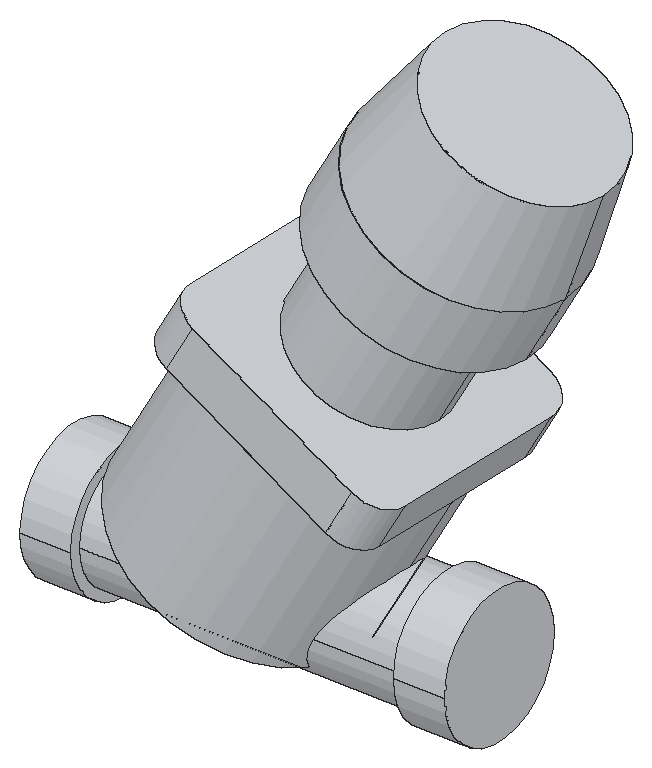
Revit family "OPTIMA_Compact_MM_DN10_5,0_RFA_2019", category Pipe Accessories, Revit 2019
Family settings
  Round Connector Dimension = Use Diameter
  Part Type = Valve - Breaks Into
  Work Plane-Based = No
  Always vertical = Yes
  Cut with Voids When Loaded = No
  Shared = No
Parameters (values of type "OPTIMA Compact DN10 M-M 5.0mm")
  magiProductId = "5a6cfbbfc7584f5c989f475761ae24"
  magiProductFamilyId = "78ecc78dd0e54fb5aa8a98aef7d402"
  magiPartTypeId = 304
  isMeasuringValve [instance] = no
  ang2D [instance] = 0.00°
  Z = 0 mm
  X = 7 mm
  W2D = 32 mm
  VersionID = "2.0/2018.8.28.1/FRESE_OPTIMA-COMPACT-MM_001"
  Use Minimum Symbol Size [instance] = yes
  URL = "www.hydronic.cz"
  Type Comments = "vnější závit; PN25; 0~120°C, bez měřicích vsuvek"
  R9 = 8 mm
  R8 = 14 mm
  R7 = 17 mm
  R6 = 12 mm
  R5 = 5 mm
  R4 = 19 mm
  R3 = 19 mm
  R2 = 9 mm
  R1 = 10.5 mm
  QmdConnectorList = "301;D;302;D"
  Productdata [instance] = ""
  PLG0 = no
  Manufacturer = "Hydronic Systems Prague s.r.o."
  MC Product Code = "53-1309  (1/2\" M-M; 5.0mm; Qmin-dpmin 65l/h-14.6kPa; Qmax-dpmin 370l/h-17.2kPa; dpmax 800kPa)"
  MC Piping Given Pressure Drop [instance] = 0.0 Pa
  LL = 32.5 mm
  L3 = 11 mm
  L2D_Min = 3048 mm
  L2D = 104 mm
  L2 = 49.4 mm
  L1__ve = -L1  # -7.8 mm
  L1 = 7.8 mm
  H6__ve = -H6  # -52.5 mm
  H6 = 52.5 mm
  H5 = 17 mm
  H4 = 12 mm
  H3 = 18 mm
  H2 = 8 mm
  H1 = 30 mm
  Description = "Tlakově nezávislý 2-cestný regulační vyvažovací ventil (PICV)"
  D = 10 mm
  A = 30.00°
Types (8, lengths in mm): name | magiProductId | Z | X | R4 | R3 | R2 | R1 | MC Product Code | LL | L3 | L2 | L1__ve | L1 | H6__ve | H6 | H5 | H3 | H2 | H1 | D
  OPTIMA Compact DN32 M-M 5.5mm | "9229f6b2647a4beea29cfed7a0464e" | 1 | 13 | 29 | 31.5 | 22 | 24 | "53-1314  (6/4\" M-M; 5.5mm; Qmin-dpmin 550l/h-17.9kPa; Qmax-dpmin 4001l/h-28.0kPa; dpmax 800kPa)" | 52 | 12.5 | 79.04 | -12.48 | 12.48 | -66 | 66 | 20 | 16 | 10 | 46 | 32
  OPTIMA Compact DN15 M-M 2.5mm | "cf91b4957677408aaed6de7f8e707d" | 0 | 7 | 19 | 19 | 12 | 13 | "53-1304  (3/4\" M-M; 2.5mm; Qmin-dpmin 100l/h-14.9kPa; Qmax-dpmin 575l/h-18.5kPa; dpmax 800kPa)" | 32.5 | 11 | 49.4 | -7.8 | 7.8 | -55 | 55 | 20 | 18 | 8 | 26 | 15
  OPTIMA Compact DN15 M-M 5.0mm | "3da7abe28dc3494da6d3a7ef2edb11" | 0 | 7 | 19 | 19 | 12 | 13 | "53-1305  (3/4\" M-M; 5.0mm; Qmin-dpmin 220l/h-16.0kPa; Qmax-dpmin 1330l/h-21.6kPa; dpmax 800kPa)" | 32.5 | 11 | 49.4 | -7.8 | 7.8 | -55 | 55 | 20 | 18 | 8 | 26 | 15
  OPTIMA Compact DN20 M-M 5.0mm | "dbf1ea5749af4e6bb74c096f7a23b2" | 0 | 10 | 19 | 19 | 13.5 | 16.5 | "53-1308  (1\" M-M; 5.0mm; Qmin-dpmin 220l/h-16.0kPa; Qmax-dpmin 1330l/h-21.6kPa; dpmax 800kPa)" | 35 | 11 | 53.2 | -8.4 | 8.4 | -58.5 | 58.5 | 20 | 18 | 8 | 26 | 20
  OPTIMA Compact DN20 M-M 5.5mm | "a40c776a67e54a899e920652842cb9" | 0 | 10 | 19 | 19 | 13.5 | 16.5 | "53-1311  (1\" M-M; 5.5mm; Qmin-dpmin 300l/h-17.8kPa; Qmax-dpmin 1800l/h-40.0kPa; dpmax 800kPa)" | 35 | 11 | 53.2 | -8.4 | 8.4 | -58.5 | 58.5 | 20 | 18 | 8 | 26 | 20
  OPTIMA Compact DN25 M-M 5.5mm | "c9531e40f709430d814b4200686e37" | 0 | 13 | 29 | 31.5 | 18.5 | 21 | "53-1313  (5/4\" M-M; 5.5mm; Qmin-dpmin 600l/h-17.3kPa; Qmax-dpmin 3609l/h-23.0kPa; dpmax 800kPa)" | 52 | 12.5 | 79.04 | -12.48 | 12.48 | -63 | 63 | 20 | 16 | 10 | 43 | 25
  OPTIMA Compact DN10 M-M 2.5mm | "719160033de540c9acf49957212ec3" | 0 | 7 | 19 | 19 | 9 | 10.5 | "53-1300  (1/2\" M-M; 2.5mm; Qmin-dpmin 30l/h-14.3kPa; Qmax-dpmin 200l/h-15.8kPa; dpmax 800kPa)" | 32.5 | 11 | 49.4 | -7.8 | 7.8 | -52.5 | 52.5 | 17 | 18 | 8 | 30 | 10
  OPTIMA Compact DN10 M-M 5.0mm | "5a6cfbbfc7584f5c989f475761ae24" | 0 | 7 | 19 | 19 | 9 | 10.5 | "53-1309  (1/2\" M-M; 5.0mm; Qmin-dpmin 65l/h-14.6kPa; Qmax-dpmin 370l/h-17.2kPa; dpmax 800kPa)" | 32.5 | 11 | 49.4 | -7.8 | 7.8 | -52.5 | 52.5 | 17 | 18 | 8 | 30 | 10
Reference planes
  plane 1 "Center (Front/Back)": y = 0
  plane 2 "XYPLANE": z = 0
  plane 3 "Center (Left/Right)": x = 0
  plane 4 "267": x = 11
  plane 5 "266": x = -11
  plane 6 "252": through (-607.019, 0, 448.612) normal (0.5, 0, 0.866)
  plane 7 "250": through (-615.519, 0, 433.89) normal (0.5, 0, 0.866)
  plane 8 "248": through (-621.519, 0, 423.497) normal (0.5, 0, 0.866)
  plane 9 "245": through (-630.519, 0, 407.909) normal (0.5, 0, 0.866)
  plane 10 "241": through (352.483, 0, 662.519) normal (0.866, 0, -0.5)
  plane 11 "240": through (385.392, 0, 643.519) normal (0.866, 0, -0.5)
  plane 12 "239": y = -19
  plane 13 "238": y = 19
  plane 14 "237": through (-634.519, 0, 400.981) normal (0.5, 0, 0.866)
  plane 15 "235": through (-649.519, 0, 375) normal (0.5, 0, 0.866)
  plane 16 "231": y = 0
  plane 17 "230": through (368.938, 0, 653.019) normal (0.866, 0, -0.5)
  plane 18 "211": x = -24.7
  plane 19 "204": x = 32.5
  plane 20 "203": x = -32.5
  plane 21 "202": x = 0
  plane 22 "201": z = 0
  plane 23 "200": y = 0
  plane 24 "227XY": through (-649.519, 0, 375) normal (0.5, 0, 0.866)
  plane 25 "227XZ": y = 0
  plane 26 "227YZ": through (375, 0, 649.519) normal (0.866, 0, -0.5)
Forms (mm)
  Extrusion 1, solid, visible <- "PLG0"
    sketch origin (-750, 0, 0) x (1, 0, 0) y (0, 1, 0)
      loop
        circle (761, 0) r 8
    from 0 to -52.5 <- "H6__ve"
  Extrusion 2, solid, visible <- "PLG0"
    sketch origin (-750, 0, 0) x (1, 0, 0) y (0, 1, 0)
      loop
        circle (739, 0) r 8
    from 0 to -52.5 <- "H6__ve"
  Blend 3, solid
    base sketch origin (-615.519, 0, 433.89) x (0.866025, 0, -0.5) y (0, 1, 0)
      loop
        circle (743, 0) r 17
    top sketch origin (-615.519, 0, 433.89) x (0.866025, 0, -0.5) y (0, 1, 0)
      loop
        circle (743, 0) r 14
    from 0 to 17
  Extrusion 4, solid
    sketch origin (-621.519, 0, 423.497) x (0.866025, 0, -0.5) y (0, 1, 0)
      loop
        circle (743, 0) r 17
    from 0 to 12 <- "H4"
  Extrusion 5, solid
    sketch origin (-630.519, 0, 407.909) x (0.866025, 0, -0.5) y (0, 1, 0)
      loop
        circle (743, 0) r 12
    from 0 to 18 <- "H3"
  Extrusion 6, solid
    sketch origin (-634.519, 0, 400.981) x (0.866025, 0, -0.5) y (0, 1, 0)
      loop
        arc (729, 19) -> (725.464, 17.536) -> (724, 14) r 5
        line (724, 14) -> (724, -14)
        arc (724, -14) -> (725.464, -17.536) -> (729, -19) r 5
        line (729, -19) -> (757, -19)
        arc (757, -19) -> (760.536, -17.536) -> (762, -14) r 5
        line (762, -14) -> (762, 14)
        arc (762, 14) -> (760.536, 17.536) -> (757, 19) r 5
        line (757, 19) -> (729, 19)
    from 0 to 8 <- "H2"
  Extrusion 7, solid
    sketch origin (-649.519, 0, 375) x (0.866025, 0, -0.5) y (0, 1, 0)
      loop
        circle (743, 0) r 19
    from 0 to 30 <- "H1"
  Extrusion 8, solid
    sketch origin (-24.7, -750, 0) x (0, 1, 0) y (0, 0, 1)
      loop
        circle (750, 0) r 9
    from 0 to 49.4 <- "L2"
  Extrusion 9, solid
    sketch origin (32.5, -750, 0) x (0, 1, 0) y (0, 0, 1)
      loop
        circle (750, 0) r 10.5
    from 0 to -7.8 <- "L1__ve"
  Extrusion 10, solid
    sketch origin (-32.5, -750, 0) x (0, 1, 0) y (0, 0, 1)
      loop
        circle (750, 0) r 10.5
    from 0 to 7.8 <- "L1"
  Extrusion 11, solid, not visible
    sketch origin (32.5, -750, 0) x (0, 1, 0) y (0, 0, 1)
      loop
        circle (750, 0) r 10
    from 0 to -10
  Extrusion 12, solid, not visible
    sketch origin (-32.5, -750, 0) x (0, 1, 0) y (0, 0, 1)
      loop
        circle (750, 0) r 10
    from 0 to 10
Lines and regions (mm)
  reference lines, not visible
    curve 1: circle (2, 2, 0) r 1 normal (0, 0, 1)
Dimensions and locks
  plane 1 "Center (Front/Back)" to curve 1 = 2 mm
  "L3": plane 3 "Center (Left/Right)" to plane 4 "267"
  "L3": plane 3 "Center (Left/Right)" to plane 5 "266"
  "H5": plane 7 "250" to plane 6 "252"
  "H4": plane 8 "248" to plane 7 "250"
  "H3": plane 9 "245" to plane 8 "248"
  "H2": plane 14 "237" to plane 9 "245"
  "R4": plane 17 "230" to plane 10 "241"
  "R4": plane 17 "230" to plane 11 "240"
  "R4": plane 23 "200" to plane 12 "239"
  "R4": plane 23 "200" to plane 13 "238"
  "H1": plane 15 "235" to plane 14 "237"
  "Z": plane 24 "227XY" to plane 15 "235"
  locked: plane 23 "200" to plane 16 "231"
  "X": plane 26 "227YZ" to plane 17 "230"
  "L1": plane 20 "203" to plane 18 "211"
  "LL": plane 3 "Center (Left/Right)" to plane 19 "204"
  "LL": plane 3 "Center (Left/Right)" to plane 20 "203"
  locked: plane 3 "Center (Left/Right)" to plane 21 "202"
  locked: plane 2 "XYPLANE" to plane 22 "201"
  locked: plane 1 "Center (Front/Back)" to plane 23 "200"
  Extrusion 6 sketch curve to Extrusion 6 sketch curve = 0 mm  (x16)
  "R9": radius of Extrusion 1 sketch curve
  "R9": radius of Extrusion 2 sketch curve
  "R8": radius of Blend 3 sketch curve
  "R7": radius of Blend 3 sketch curve
  "R7": radius of Extrusion 4 sketch curve
  "R6": radius of Extrusion 5 sketch curve
  "R5": radius of Extrusion 6 sketch curve  (x4)
  "R3": radius of Extrusion 7 sketch curve
  "R2": radius of Extrusion 8 sketch curve
  "R1": radius of Extrusion 9 sketch curve
  "R1": radius of Extrusion 10 sketch curve
  aligned and locked: level to plane 2 "XYPLANE"
  aligned and locked: plane 4 "267" to Extrusion 1 sketch curve
  aligned and locked: plane 23 "200" to Extrusion 1 sketch curve
  aligned and locked: plane 5 "266" to Extrusion 2 sketch curve
  aligned and locked: plane 23 "200" to Extrusion 2 sketch curve
  aligned and locked: plane 16 "231" to Blend 3 sketch curve  (x2)
  aligned and locked: Blend 3 sketch curve to plane 17 "230"  (x2)
  aligned and locked: plane 6 "252" to Blend 3
  aligned and locked: plane 16 "231" to Extrusion 4 sketch curve
  aligned and locked: Extrusion 4 sketch curve to plane 17 "230"
  aligned and locked: plane 16 "231" to Extrusion 5 sketch curve
  aligned and locked: Extrusion 5 sketch curve to plane 17 "230"
  aligned and locked: Extrusion 6 sketch curve to plane 10 "241"
  aligned and locked: Extrusion 6 sketch curve to plane 12 "239"
  aligned and locked: Extrusion 6 sketch curve to plane 11 "240"
  aligned and locked: plane 13 "238" to Extrusion 6 sketch curve
  aligned and locked: plane 16 "231" to Extrusion 7 sketch curve
  aligned and locked: Extrusion 7 sketch curve to plane 17 "230"
  aligned and locked: plane 22 "201" to Extrusion 8 sketch curve
  aligned and locked: Extrusion 8 sketch curve to plane 23 "200"
  aligned and locked: plane 22 "201" to Extrusion 9 sketch curve
  aligned and locked: Extrusion 9 sketch curve to plane 23 "200"
  aligned and locked: plane 22 "201" to Extrusion 10 sketch curve
  aligned and locked: Extrusion 10 sketch curve to plane 23 "200"
  aligned and locked: plane 22 "201" to Extrusion 11 sketch curve
  aligned and locked: Extrusion 11 sketch curve to plane 23 "200"
  aligned and locked: plane 22 "201" to Extrusion 12 sketch curve
  aligned and locked: Extrusion 12 sketch curve to plane 23 "200"
Automatic sketch dimensions
  plane 1 "Center (Front/Back)" to Extrusion 11 sketch curve = 10 mm
  plane 1 "Center (Front/Back)" to Extrusion 12 sketch curve = 10 mm
  plane 3 "Center (Left/Right)" to curve 1 = 2 mm
  radius of curve 1 = 1 mm
Connectors
  piping at (-32.5, 0, 0), diameter 10, driven by "D"
    settings: on Extrusion 12, index 1, connector inside diameter 609.6 mm, connector length 0 mm, flow factor 0, pipe flow 0.0 L/s, pressure drop 0.0 Pa, fitting loss kfactor 0, connector angle 0.00°, fixture units 0, engagement length 0 mm, angle of deflection 0.00°, flow configuration 0, flow direction 0, fitting loss method 0, system type 29, joint type 0, gender type 0, connector reference index 2, connector utility 0, adjustable connector no, is connector primary yes, connector description ""
  piping at (32.5, 0, 0), diameter 10, driven by "D"
    settings: on Extrusion 11, index 2, connector inside diameter 609.6 mm, connector length 0 mm, flow factor 0, pipe flow 0.0 L/s, pressure drop 0.0 Pa, fitting loss kfactor 0, connector angle 0.00°, fixture units 0, engagement length 0 mm, angle of deflection 0.00°, flow configuration 0, flow direction 0, fitting loss method 0, system type 29, joint type 0, gender type 0, connector reference index 1, connector utility 0, adjustable connector no, is connector primary no, connector description ""
